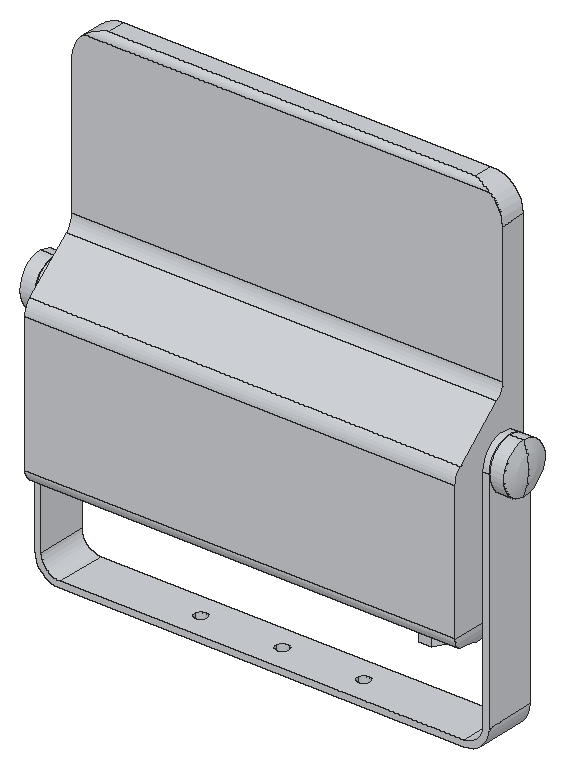
Revit family "63_PHILIPS_Coreline_Tempo_medium-BVP125V_Led80-LD", category Lighting Fixtures, host Face, Revit 2016
Family settings
  Host = Face
  Part Type = Normal
  Round Connector Dimension = Use Diameter
  Cut with Voids When Loaded = No
  Light Source = No
  Shared = Yes
  Room Calculation Point = No
Parameters (values of type "1 xLED260_740 S")
  Width = 389 mm
  URL = "http://www.lighting.philips.com/main/home"
  Type Comments = "Face Based"
  Model = "BVP125V"
  Manufacturer = "Philips"  # constant formula
  Light loss factor = ""
  Lamp = "LAMP TYPE"
  Initial luminous flux (lm) = ""
  Init. Corr. Color Temperature (K) = ""
  Description = "Coreline Tempo medium"
  Default Elevation = 0 mm
  Content Creator = "https://www.cadac.com/bimcontent"
  Constraint_YZ [instance] = if(Angle_YZ < -180.00°, -180.00°, if(Angle_YZ > 30.00°, 30.00°, Angle_YZ))  # 0.00°
  Apparent Load = 0 VA
  Angle_YZ [instance] = 0.00°
Reference planes
  plane 1 "Center (Front/Back)": y = 0
  plane 2: z = 0
  plane 3 "Center (Left/Right)": x = 0
  plane 4 "rotation YZ": z = 200
  plane 5: x = -194.5
  plane 6: x = 194.5
Forms (mm)
  Extrusion 1, solid
    sketch origin (0, 0, 0) x (1, 0, 0) y (0, 0, 1)
      loop
        line (180, 225) -> (175, 225) -> (175, 20)
        arc (175, 20) -> (170.607, 9.393) -> (160, 5) r 15
        line (160, 5) -> (-160, 5)
        arc (-160, 5) -> (-170.607, 9.393) -> (-175, 20) r 15
        line (-175, 20) -> (-175, 225) -> (-180, 225) -> (-180, 20)
        arc (-180, 20) -> (-174.142, 5.858) -> (-160, 0) r 20
        line (-160, 0) -> (160, 0)
        arc (160, 0) -> (174.142, 5.858) -> (180, 20) r 20
        line (180, 20) -> (180, 225)
    from -20 to 20
  Extrusion 2, void
    sketch origin (0, 0, 0) x (0, 1, 0) y (0, 0, 1)
      loop
        line (20, 200) -> (20, 225) -> (-20, 225) -> (-20, 200)
        arc (-20, 200) -> (0, 220) -> (20, 200) r 20
      loop
        circle (0, 200) r 10
    from -180 to 180
  Extrusion 3, void
    sketch origin (0, 0, 0) x (1, 0, 0) y (0, 1, 0)
      loop
        circle (0, 0) r 5
      loop
        circle (64.5, 0) r 5
      loop
        circle (-64.5, 0) r 5
    from 0 to 5
Cuts and joins
  Extrusion 2, Extrusion 3 cuts Extrusion 1
Lines and regions (mm)
  reference lines
    curve 1: line (0, 0, 505) -> (0, 0, 200)
Dimensions and locks
  equal spacing: host sketch curve, plane 1 "Center (Front/Back)", host sketch curve
  equal spacing: host sketch curve, plane 3 "Center (Left/Right)", host sketch curve
  "Width": plane 5 to plane 6
  equal spacing: plane 5, plane 3 "Center (Left/Right)", plane 6
  plane 4 "rotation YZ" to host face = 200 mm  (x2)
  Extrusion 3 sketch curve to Extrusion 3 sketch curve = 129 mm
  equal spacing: Extrusion 3 sketch curve, plane 3 "Center (Left/Right)", Extrusion 3 sketch curve
  "Constraint_YZ": angle curve 1 to plane 1 "Center (Front/Back)"
  aligned and locked: plane 2 to host face
  aligned and locked: level to host face
  aligned and locked: Extrusion 2 to Extrusion 1
  aligned and locked: Extrusion 1 to Extrusion 2
  aligned and locked: Extrusion 1 to Extrusion 3
Automatic sketch dimensions
  Extrusion 1 sketch curve to Extrusion 1 sketch curve = 0 mm  (x4)
  Extrusion 1 sketch curve to level = 0 mm
  plane 5 to Extrusion 1 sketch curve = 14.5 mm
  Extrusion 1 sketch curve to Extrusion 1 sketch curve = 5 mm
  Extrusion 1 sketch curve to Extrusion 1 sketch curve = 15 mm
  plane 6 to Extrusion 1 sketch curve = 34.5 mm
  plane 6 to Extrusion 1 sketch curve = 19.5 mm
  plane 4 "rotation YZ" to Extrusion 1 sketch curve = 25 mm  (x2)
  Extrusion 2 sketch curve to Extrusion 2 sketch curve = 0 mm  (x3)
  Extrusion 2 sketch curve to plane 4 "rotation YZ" = 0 mm  (x3)
  Extrusion 2 sketch curve to plane 1 "Center (Front/Back)" = 0 mm
  plane 1 "Center (Front/Back)" to Extrusion 2 sketch curve = 20 mm
  Extrusion 2 sketch curve to plane 1 "Center (Front/Back)" = 20 mm
  plane 4 "rotation YZ" to Extrusion 2 sketch curve = 25 mm
  plane 1 "Center (Front/Back)" to Extrusion 3 sketch curve = 0 mm  (x3)
  Extrusion 3 sketch curve to plane 3 "Center (Left/Right)" = 0 mm
  curve 1 to plane 1 "Center (Front/Back)" = 0 mm
  curve 1 to plane 4 "rotation YZ" = 0 mm
  radius of Extrusion 2 sketch curve = 10 mm
  radius of Extrusion 3 sketch curve = 5 mm  (x3)
Nested families
  nested 1: "63_PHILIPS_Coreline_tempo_large-BVP130_A" at (0, 0, 200) x (1, 0, 0) z (0, -1, 0), type "63_PHILIPS_Coreline_tempo_large-BVP130_A"
Connectors
  electrical at (0, 0, 0), driven by "Apparent Load"
    settings: index 1, voltage 230 V, apparent load 0 VA, apparent load phase1 0 VA, apparent load phase2 0 VA, apparent load phase3 0 VA, power factor 1, load classification "Lighting", number of poles 1, system type 31, power factor state 1, is connector primary yes, connector utility no, sub classification motor no, connector description ""
Definition of nested family "63_PHILIPS_Coreline_tempo_large-BVP130_A"
  Parameters (values of type "63_PHILIPS_Coreline_tempo_large-BVP130_A")
    Width = 341 mm
    URL = "http://www.lighting.philips.com/main/home"
    Type Comments = "Face Based"
    Model = "MODEL NUMBER"
    Manufacturer = "Philips"  # constant formula
    Light loss factor = ""
    Lamp type = IES : NO IES available
    Lamp = "LAMP TYPE"
    Initial luminous flux (lm) = ""
    Init. Corr. Color Temperature (K) = ""
    Height 01 = 136 mm
    Height = 323 mm
    Description = "MODEL NAME"
    Default Elevation = 0 mm
    Content Creator = "https://www.cadac.com/bimcontent"
  Reference planes
    plane 1 "Center (Front/Back)": y = 0
    plane 2: z = 0
    plane 3 "Center (Left/Right)": x = 0
    plane 4 "bottom": z = -25
    plane 5 "top": z = 42
    plane 6: z = 22
    plane 7: y = -200
    plane 8: y = 187
    plane 9: y = -136
    plane 10: x = -170.5
    plane 11: x = 170.5
  Forms (mm)
    Extrusion 1, solid
      sketch origin (0, 0, 0) x (1, 0, 0) y (0, 1, 0)
        loop
          line (-1000, 960.718) -> (-1000, -960.718) -> (1000, -960.718) -> (1000, 960.718) -> (-1000, 960.718)
      from 0 to -79.658
    Revolve 2, solid
      sketch origin (0, 0, 0) x (1, 0, 0) y (0, 1, 0)
        loop
          line (-195, 0) -> (195, 0)
          arc (195, 0) -> (194.152, 10.141) -> (191.63, 20) r 61.028
          line (191.63, 20) -> (180.5, 20) -> (180.5, 10) -> (-180.5, 10) -> (-180.5, 20) -> (-191.63, 20)
          arc (-191.63, 20) -> (-194.152, 10.141) -> (-195, 0) r 61.028
        axis (195, 0) -> (-195, 0)
      angle from 0 to 360
    Extrusion 3, solid
      sketch origin (0, 0, 0) x (0, 1, 0) y (0, 0, 1)
        loop
          line (187, -25) -> (187, -10)
          arc (187, -10) -> (185.536, -6.464) -> (182, -5) r 5
          line (182, -5) -> (51.779, -5)
          arc (51.779, -5) -> (45.44, -3.595) -> (40.288, 0.358) r 15
          line (40.288, 0.358) -> (9.843, 36.642)
          arc (9.843, 36.642) -> (4.692, 40.595) -> (-1.648, 42) r 15
          line (-1.648, 42) -> (-110.374, 42)
          arc (-110.374, 42) -> (-116.462, 39.934) -> (-120.033, 34.588) r 10
          line (-120.033, 34.588) -> (-136, -25) -> (187, -25)
      from -170.5 to 170.5
    Extrusion 4, void
      sketch origin (0, 0, 0) x (1, 0, 0) y (0, 1, 0)
        loop
          arc (-115.5, 157) -> (-133.178, 149.678) -> (-140.5, 132) r 25
          line (-140.5, 132) -> (-140.5, 51)
          arc (-140.5, 51) -> (-133.178, 33.322) -> (-115.5, 26) r 25
          line (-115.5, 26) -> (115.5, 26)
          arc (115.5, 26) -> (133.178, 33.322) -> (140.5, 51) r 25
          line (140.5, 51) -> (140.5, 132)
          arc (140.5, 132) -> (133.178, 149.678) -> (115.5, 157) r 25
          line (115.5, 157) -> (-115.5, 157)
        loop
          line (-145.5, -134) -> (145.5, -134)
          arc (145.5, -134) -> (161.763, -127.263) -> (168.5, -111) r 23
          line (168.5, -111) -> (168.5, 162)
          arc (168.5, 162) -> (161.763, 178.263) -> (145.5, 185) r 23
          line (145.5, 185) -> (-145.5, 185)
          arc (-145.5, 185) -> (-161.763, 178.263) -> (-168.5, 162) r 23
          line (-168.5, 162) -> (-168.5, -111)
          arc (-168.5, -111) -> (-161.763, -127.263) -> (-145.5, -134) r 23
        loop
          line (-166.5, 162) -> (-166.5, -111)
          arc (-166.5, -111) -> (-160.349, -125.849) -> (-145.5, -132) r 21
          line (-145.5, -132) -> (145.5, -132)
          arc (145.5, -132) -> (160.349, -125.849) -> (166.5, -111) r 21
          line (166.5, -111) -> (166.5, 162)
          arc (166.5, 162) -> (160.349, 176.849) -> (145.5, 183) r 21
          line (145.5, 183) -> (-145.5, 183)
          arc (-145.5, 183) -> (-160.349, 176.849) -> (-166.5, 162) r 21
      from -20 to -25
    Extrusion 5, void
      sketch origin (0, 0, 0) x (1, 0, 0) y (0, 1, 0)
        loop
          arc (145.5, 187) -> (163.178, 179.678) -> (170.5, 162) r 25
          line (170.5, 162) -> (180.5, 162) -> (180.5, 197) -> (-185.5, 197) -> (-185.5, 162) -> (-170.5, 162)
          arc (-170.5, 162) -> (-163.178, 179.678) -> (-145.5, 187) r 25
          line (-145.5, 187) -> (145.5, 187)
        loop
          line (145.5, -136) -> (-145.5, -136)
          arc (-145.5, -136) -> (-163.178, -128.678) -> (-170.5, -111) r 25
          line (-170.5, -111) -> (-185.5, -111) -> (-185.5, -146) -> (180.5, -146) -> (180.5, -111) -> (170.5, -111)
          arc (170.5, -111) -> (163.178, -128.678) -> (145.5, -136) r 25
      from -25 to 250
    Extrusion 6, solid
      sketch origin (0, -136, 274.226) x (0, 0, 1) y (-1, 0, 0)
        loop
          line (-274.226, -130.338) -> (-265.566, -125.338) -> (-265.566, -115.338) -> (-274.226, -110.338) -> (-282.887, -115.338) -> (-282.887, -125.338) -> (-274.226, -130.338)
      from -12.868 to 10.187
    Extrusion 7, solid
      sketch origin (0, 0, 0) x (1, 0, 0) y (0, 1, 0)
        loop
          circle (152.413, 164.578) r 5
        loop
          circle (-152.413, 164.578) r 5
        loop
          circle (152.413, -113.578) r 5
        loop
          circle (-152.413, -113.578) r 5
      from -28.247 to -25
  Cuts and joins
    Extrusion 4, Extrusion 5 cuts Revolve 2
    Extrusion 4, Extrusion 5 cuts Extrusion 3
    joined: Revolve 2, Extrusion 3, Extrusion 6
  Dimensions and locks
    equal spacing: Extrusion 1 sketch curve, plane 1 "Center (Front/Back)", Extrusion 1 sketch curve
    equal spacing: Extrusion 1 sketch curve, plane 3 "Center (Left/Right)", Extrusion 1 sketch curve
    plane 4 "bottom" to plane 6 = 47 mm
    plane 4 "bottom" to plane 5 "top" = 67 mm
    plane 4 "bottom" to Extrusion 1 = 25 mm
    equal spacing: plane 10, plane 3 "Center (Left/Right)", plane 11
    "Width": plane 10 to plane 11
    "Height": plane 9 to plane 8
    "Height 01": plane 9 to plane 1 "Center (Front/Back)"
    Extrusion 7 to plane 4 "bottom" = 3.247 mm
    aligned and locked: plane 2 to Extrusion 1
    aligned and locked: level to Extrusion 1
    aligned and locked: plane 5 "top" to Extrusion 3
    aligned and locked: cut or joined group of Revolve 2, Extrusion 3, Extrusion 4, Extrusion 5, Extrusion 6 to plane 10
    aligned and locked: cut or joined group of Revolve 2, Extrusion 3, Extrusion 4, Extrusion 5, Extrusion 6 to plane 11
    aligned and locked: Extrusion 7 to plane 4 "bottom"
  Automatic sketch dimensions
    Revolve 2 sketch curve to plane 1 "Center (Front/Back)" = 0 mm
    plane 1 "Center (Front/Back)" to Revolve 2 sketch curve = 0 mm
    Revolve 2 sketch curve to plane 10 = 24.5 mm
    Revolve 2 sketch curve to plane 1 "Center (Front/Back)" = 20 mm
    Revolve 2 sketch curve to Revolve 2 sketch curve = 3.37 mm
    Revolve 2 sketch curve to plane 10 = 10 mm
    plane 11 to Revolve 2 sketch curve = 36.528 mm
    Revolve 2 sketch curve to plane 11 = 10 mm
    Revolve 2 sketch curve to Revolve 2 sketch curve = 11.13 mm
    Revolve 2 sketch curve to Revolve 2 sketch curve = 14.5 mm
    Revolve 2 sketch curve to Revolve 2 sketch curve = 10 mm
    Revolve 2 sketch curve to Revolve 2 sketch curve = 1329.5 mm
    Revolve 2 sketch curve to Revolve 2 sketch curve = 0 mm
    plane 4 "bottom" to Extrusion 3 sketch curve = 0 mm
    Extrusion 3 sketch curve to plane 9 = 0 mm
    Extrusion 3 sketch curve to plane 5 "top" = 0 mm
    Extrusion 3 sketch curve to plane 8 = 0 mm
    Extrusion 3 sketch curve to plane 5 "top" = 7.412 mm
    Extrusion 3 sketch curve to plane 9 = 15.967 mm
    Extrusion 3 sketch curve to Extrusion 3 sketch curve = 9.659 mm
    plane 1 "Center (Front/Back)" to Extrusion 3 sketch curve = 1.648 mm
    Extrusion 3 sketch curve to plane 5 "top" = 5.358 mm
    Extrusion 3 sketch curve to plane 1 "Center (Front/Back)" = 9.843 mm
    level to Extrusion 3 sketch curve = 0.358 mm
    Extrusion 3 sketch curve to plane 1 "Center (Front/Back)" = 40.288 mm
    Extrusion 3 sketch curve to Extrusion 3 sketch curve = 11.491 mm
    plane 8 to Extrusion 3 sketch curve = 5 mm
    Extrusion 3 sketch curve to level = 10 mm
    Extrusion 4 sketch curve to Extrusion 4 sketch curve = 0 mm  (x8)
    plane 10 to Extrusion 4 sketch curve = 2 mm
    Extrusion 4 sketch curve to Extrusion 4 sketch curve = 2 mm
    plane 8 to Extrusion 4 sketch curve = 2 mm
    plane 10 to Extrusion 4 sketch curve = 25 mm  (x2)
    Extrusion 4 sketch curve to plane 9 = 4 mm
    plane 10 to Extrusion 4 sketch curve = 30 mm
    Extrusion 4 sketch curve to plane 1 "Center (Front/Back)" = 26 mm
    Extrusion 4 sketch curve to Extrusion 4 sketch curve = 25 mm  (x3)
    plane 11 to Extrusion 4 sketch curve = 55 mm  (x2)
    plane 11 to Extrusion 4 sketch curve = 25 mm  (x2)
    plane 11 to Extrusion 4 sketch curve = 4 mm
    Extrusion 4 sketch curve to Extrusion 4 sketch curve = 30 mm
    Extrusion 5 sketch curve to plane 10 = 0 mm  (x2)
    plane 9 to Extrusion 5 sketch curve = 0 mm
    plane 8 to Extrusion 5 sketch curve = 0 mm
    Extrusion 5 sketch curve to plane 11 = 0 mm  (x2)
    Extrusion 5 sketch curve to Extrusion 5 sketch curve = 15 mm
    Extrusion 5 sketch curve to plane 10 = 15 mm
    Extrusion 5 sketch curve to Extrusion 5 sketch curve = 25 mm  (x2)
    plane 10 to Extrusion 5 sketch curve = 25 mm
    Extrusion 5 sketch curve to plane 9 = 25 mm
    Extrusion 5 sketch curve to plane 11 = 10 mm  (x2)
    plane 9 to Extrusion 5 sketch curve = 10 mm
    Extrusion 5 sketch curve to plane 8 = 10 mm
    Extrusion 6 sketch curve to level = 0 mm  (x2)
    Extrusion 6 sketch curve to level = 8.66 mm
    level to Extrusion 6 sketch curve = 8.66 mm
    plane 11 to Extrusion 6 sketch curve = 40.162 mm
    Extrusion 6 sketch curve to Extrusion 6 sketch curve = 5 mm  (x3)
    Extrusion 6 sketch curve to Extrusion 6 sketch curve = 10 mm  (x2)
    plane 10 to Extrusion 7 sketch curve = 18.087 mm  (x2)
    plane 11 to Extrusion 7 sketch curve = 18.087 mm  (x2)
    Extrusion 7 sketch curve to plane 9 = 22.422 mm  (x2)
    plane 8 to Extrusion 7 sketch curve = 22.422 mm  (x2)
    radius of Extrusion 7 sketch curve = 5 mm  (x4)
